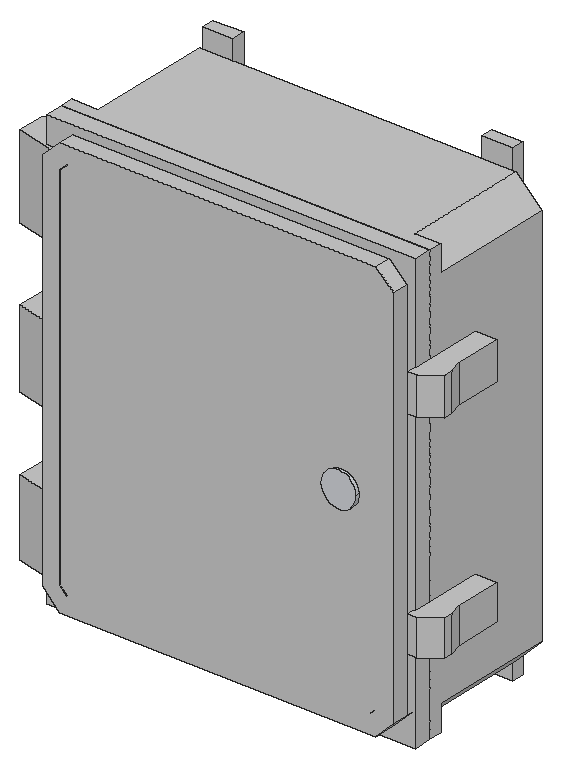
Revit family "WAP-Enclosure_NEMA_Ventev_12x10x4-Polycarb", category Generic Models, Revit 2024
Family settings
  Can host rebar = No
  Round Connector Dimension = Use Diameter
  Part Type = Normal
  OmniClass Number = 23.85.50.00
  OmniClass Title = Communication Systems
  Work Plane-Based = Yes
  Always vertical = No
  Cut with Voids When Loaded = No
  Maintain Annotation Orientation = No
  Shared = No
  Room Calculation Point = No
Parameters
  Warranty Duration (Years) = 0
  Unit Width = 1' - 0 3/16"
  Unit Height = 1' - 1 11/16"
  Unit Depth = 0' - 5 3/8"
  URL = "http://www.terra-wave.com/"
  Specification = ""
  SpecWizard = ""
  Solid Door = yes
  Send Message = ""
  Sales Information = "http://www.terra-wave.com/contact/"
  Revision = "R1_2016-12"
  Product Properties = ""
  Product Data = "http://www.arcat.com/arcatcos/cos9550/arc50032.html"
  Mounting Height [instance] = 2' - 0"
  Model = "As Specified"
  Manufacturer Website = "http://www.terra-wave.com/"
  Manufacturer Phone - Toll Free = "800-759-9996"
  Manufacturer Phone = "717-770-2317"
  Manufacturer Fax = ""
  Manufacturer Address = "10999 McCormick Rd.  Hunt Valley, MD 21031"
  Manufacturer = "Ventev Innovations"
  Maintenance Schedule (Months) = 0
  Latching = yes
  Keynote = "27 20 00"
  Key Lock = yes
  Installation-Fabrication = ""
  Installation Phase = ""
  Hinges = yes
  Green Building-LEED = ""
  Fixture Finish [instance] = Plastic - Thermoplastic - Ventev - Gray
  Expected Lifespan (Years) = 0
  Drawn By = "Sumex Design, Inc. / Robert S. Weygant, CSI, CDT, SCIP"
  Description = "Ventev Product as Specified"
  Default Elevation = 0' - 0"  # constant formula
  Copyright = "©Arcat Inc."
  Construction Details = "http://www.arcat.com/details/ventev/95ventev.html?coid=50032"
  Clear Door Glazing [instance] = Plastic - Ventev - Clear
  Clear Door = yes
  Assembly Code = "D5030600"
Reference planes (in)
  plane 1 "Mounting Surface": y = 0
  plane 2 "Bottom": z = 0
  plane 3 "Center (Left/Right)": x = 0
  plane 4: z = 24
  plane 5: y = -5.375
Forms (in)
  Extrusion 1, solid, material "Plastic - Thermoplastic - Ventev - Gray" <- "Fixture Finish"
    sketch origin (0, 0, 0) x (1, 0, 0) y (0, 0, 1)
      loop
        line (-3.5625, 26.3125) -> (-4.4375, 26.3125) -> (-4.4375, 24) -> (-3.5625, 24) -> (-3.5625, 26.3125)
      loop
        line (3.5625, 26.3125) -> (3.5625, 24) -> (4.4375, 24) -> (4.4375, 26.3125) -> (3.5625, 26.3125)
      loop
        line (-3.5625, 37.6875) -> (-4.4375, 37.6875) -> (-4.4375, 35.375) -> (-3.5625, 35.375) -> (-3.5625, 37.6875)
      loop
        line (3.5625, 37.6875) -> (3.5625, 35.375) -> (4.4375, 35.375) -> (4.4375, 37.6875) -> (3.5625, 37.6875)
    from 0 to 0.375
  Extrusion 2, solid, material "Plastic - Thermoplastic - Ventev - Gray" <- "Fixture Finish"
    sketch origin (0, 0, 0) x (1, 0, 0) y (0, 0, 1)
      loop
        line (-5.28125, 37.125) -> (-5.28125, 24.5625) -> (5.28125, 24.5625) -> (5.28125, 37.125) -> (-5.28125, 37.125)
    from 4.00331 to 4.375
  Extrusion 3, solid, material "Plastic - Thermoplastic - Ventev - Gray" <- "Fixture Finish", visible <- "Solid Door"
    sketch origin (0, 0, 0) x (1, 0, 0) y (0, 0, 1)
      loop
        line (-5.28125, 37.125) -> (-5.28125, 24.5625) -> (5.28125, 24.5625) -> (5.28125, 37.125) -> (-5.28125, 37.125)
    from 4.375 to 4.90302
  Extrusion 4, solid, material "Plastic - Thermoplastic - Ventev - Gray" <- "Fixture Finish", visible <- "Solid Door"
    sketch origin (0, 0, 0) x (1, 0, 0) y (0, 0, 1)
      loop
        line (-5.03125, 36.375) -> (-5.03125, 25.3125) -> (-4.53125, 24.8125) -> (4.53125, 24.8125) -> (5.03125, 25.3125) -> (5.03125, 36.375) -> (4.53125, 36.875) -> (-4.53125, 36.875) -> (-5.03125, 36.375)
    from 4.375 to 5.375
  Extrusion 5, solid, material "Plastic - Thermoplastic - Ventev - Gray" <- "Fixture Finish"
    sketch origin (0, 0, 0) x (1, 0, 0) y (0, 0, 1)
      loop
        line (-5.28125, 36.375) -> (-5.28125, 25.3125) -> (-4.53125, 24.5625) -> (4.53125, 24.5625) -> (5.28125, 25.3125) -> (5.28125, 36.375) -> (4.53125, 37.125) -> (-4.53125, 37.125) -> (-5.28125, 36.375)
    from 0.375 to 4.00331
  Extrusion 6, solid, material "Plastic - Thermoplastic - Ventev - Gray" <- "Fixture Finish", visible <- "Hinges"
    sketch origin (0, -29.07721, 24) x (0, -1, 0) y (1, 0, 0)
      loop
        line (-24.70221, -5.28125) -> (-25.95221, -5.28125) -> (-25.07721, -6.15625) -> (-24.29978, -6.15625) -> (-24.01929, -5.03125) -> (-24.70221, -5.03125) -> (-24.70221, -5.28125)
    from 9.9834 to 12.36603
  Extrusion 7, solid, material "Plastic - Thermoplastic - Ventev - Gray" <- "Fixture Finish", visible <- "Hinges"
    sketch origin (0, -29.07721, 24) x (0, -1, 0) y (1, 0, 0)
      loop
        line (-24.70221, -5.28125) -> (-25.95221, -5.28125) -> (-25.07721, -6.15625) -> (-24.29978, -6.15625) -> (-24.01929, -5.03125) -> (-24.70221, -5.03125) -> (-24.70221, -5.28125)
    from 1.32451 to 3.51193
  Extrusion 8, solid, material "Plastic - Thermoplastic - Ventev - Gray" <- "Fixture Finish", visible <- "Hinges"
    sketch origin (0, -29.07721, 24) x (0, -1, 0) y (1, 0, 0)
      loop
        line (-24.70221, -5.28125) -> (-25.95221, -5.28125) -> (-25.07721, -6.15625) -> (-24.29978, -6.15625) -> (-24.01929, -5.03125) -> (-24.70221, -5.03125) -> (-24.70221, -5.28125)
    from 5.64734 to 7.88135
  Extrusion 9, solid, material "Plastic - Thermoplastic - Ventev - Gray" <- "Fixture Finish", visible <- "Latching"
    sketch origin (0, -29.07721, 24) x (0, -1, 0) y (1, 0, 0)
      loop
        line (-26.29779, 5.28125) -> (-23.91822, 5.28125) -> (-23.91822, 5.53125) -> (-24.28046, 6.03125) -> (-24.53046, 6.03125) -> (-24.92823, 5.92467) -> (-26.29779, 5.92467) -> (-26.29779, 5.28125)
    from 9.27445 to 10.34881
  Extrusion 10, solid, material "Plastic - Thermoplastic - Ventev - Gray" <- "Fixture Finish", visible <- "Latching"
    sketch origin (0, -29.07721, 24) x (0, -1, 0) y (1, 0, 0)
      loop
        line (-26.29779, 5.28125) -> (-23.91822, 5.28125) -> (-23.91822, 5.53125) -> (-24.28046, 6.03125) -> (-24.53046, 6.03125) -> (-24.92823, 5.92467) -> (-26.29779, 5.92467) -> (-26.29779, 5.28125)
    from 3.09691 to 4.11755
  Extrusion 11, solid, material "Plastic - Thermoplastic - Ventev - Gray" <- "Fixture Finish", visible <- "Clear Door"
    sketch origin (0, 0, 0) x (1, 0, 0) y (0, 0, 1)
      loop
        line (-5.28125, 37.125) -> (-5.28125, 24.5625) -> (5.28125, 24.5625) -> (5.28125, 37.125) -> (-5.28125, 37.125)
    from 4.375 to 4.90302
  Extrusion 12, solid, material "Plastic - Thermoplastic - Ventev - Gray" <- "Fixture Finish", visible <- "Clear Door"
    sketch origin (0, 0, 0) x (1, 0, 0) y (0, 0, 1)
      loop
        line (-5.03125, 36.375) -> (-5.03125, 25.3125) -> (-4.53125, 24.8125) -> (4.53125, 24.8125) -> (5.03125, 25.3125) -> (5.03125, 36.375) -> (4.53125, 36.875) -> (-4.53125, 36.875) -> (-5.03125, 36.375)
      loop
        line (-4.53125, 36.16789) -> (-4.53125, 25.51961) -> (-4.32414, 25.3125) -> (4.32414, 25.3125) -> (4.53125, 25.51961) -> (4.53125, 36.16789) -> (4.32414, 36.375) -> (-4.32414, 36.375) -> (-4.53125, 36.16789)
    from 4.375 to 5.375
  Extrusion 13, solid, material "Plastic - Ventev - Clear" <- "Clear Door Glazing", visible <- "Clear Door"
    sketch origin (0, 0, 0) x (1, 0, 0) y (0, 0, 1)
      loop
        line (-4.53125, 25.51961) -> (-4.32414, 25.3125) -> (4.32414, 25.3125) -> (4.53125, 25.51961) -> (4.53125, 36.16789) -> (4.32414, 36.375) -> (-4.32414, 36.375) -> (-4.53125, 36.16789) -> (-4.53125, 25.51961)
    from 4.90302 to 5.28974
  Extrusion 14, solid, visible <- "Key Lock"
    sketch origin (0, 0, 0) x (1, 0, 0) y (0, 0, 1)
      loop
        circle (3.53125, 30.84375) r 0.5
    from 4.375 to 5.46257
Cuts and joins
  joined: Extrusion 2, Extrusion 5
Lines and regions (in)
  model lines, style "GenericModelHiddenLines"
    curve 1: line (5.28125, -5.375, 37.125) -> (-5.03125, -5.375, 30.84375)
    curve 2: line (-5.03125, -5.375, 30.84375) -> (5.28125, -5.375, 24.5625)
Dimensions and locks (in)
  "Mounting Height": plane 4 to plane 2 "Bottom"
Automatic sketch dimensions
  Extrusion 1 sketch curve to plane 4 = 0' - 0"  (x2)
  Extrusion 1 sketch curve to plane 3 "Center (Left/Right)" = 0' - 4 7/16"  (x2)
  Extrusion 1 sketch curve to Extrusion 1 sketch curve = 0' - 0 7/8"  (x4)
  plane 3 "Center (Left/Right)" to Extrusion 1 sketch curve = 0' - 3 9/16"  (x2)
  Extrusion 1 sketch curve to Extrusion 1 sketch curve = 0' - 2 5/16"  (x4)
  Extrusion 1 sketch curve to Extrusion 1 sketch curve = 0' - 9 1/16"
  Extrusion 1 sketch curve to Extrusion 1 sketch curve = 0' - 0"
  plane 4 to Extrusion 2 sketch curve = 0' - 0 9/16"
  Extrusion 2 sketch curve to plane 3 "Center (Left/Right)" = 0' - 5 9/32"
  plane 3 "Center (Left/Right)" to Extrusion 2 sketch curve = 0' - 5 9/32"
  Extrusion 2 sketch curve to Extrusion 2 sketch curve = 1' - 0 9/16"
  plane 4 to Extrusion 3 sketch curve = 0' - 0 9/16"
  Extrusion 3 sketch curve to plane 3 "Center (Left/Right)" = 0' - 5 9/32"
  plane 3 "Center (Left/Right)" to Extrusion 3 sketch curve = 0' - 5 9/32"
  Extrusion 3 sketch curve to Extrusion 3 sketch curve = 1' - 0 9/16"
  plane 4 to Extrusion 4 sketch curve = 0' - 1 5/16"
  Extrusion 4 sketch curve to plane 3 "Center (Left/Right)" = 0' - 5 1/32"
  Extrusion 4 sketch curve to Extrusion 4 sketch curve = 0' - 0 1/2"  (x5)
  plane 3 "Center (Left/Right)" to Extrusion 4 sketch curve = 0' - 4 17/32"  (x2)
  plane 4 to Extrusion 4 sketch curve = 0' - 0 13/16"
  Extrusion 4 sketch curve to Extrusion 4 sketch curve = 0' - 11 1/16"
  Extrusion 4 sketch curve to Extrusion 4 sketch curve = 0' - 0"
  plane 4 to Extrusion 5 sketch curve = 0' - 1 5/16"
  Extrusion 5 sketch curve to plane 3 "Center (Left/Right)" = 0' - 5 9/32"
  plane 4 to Extrusion 5 sketch curve = 0' - 0 9/16"
  Extrusion 5 sketch curve to Extrusion 5 sketch curve = 0' - 0 3/4"  (x5)
  plane 3 "Center (Left/Right)" to Extrusion 5 sketch curve = 0' - 4 17/32"  (x2)
  Extrusion 5 sketch curve to Extrusion 5 sketch curve = 0' - 11 1/16"
  Extrusion 5 sketch curve to Extrusion 5 sketch curve = 0' - 0"
  Extrusion 6 sketch curve to plane 5 = 0' - 2 1/4"
  Extrusion 6 sketch curve to Extrusion 6 sketch curve = 0' - 0 7/8"  (x2)
  Extrusion 6 sketch curve to plane 5 = 0' - 1"
  Extrusion 6 sketch curve to plane 5 = 0' - 0.59757"
  Extrusion 6 sketch curve to plane 5 = 0' - 0.31708"
  Extrusion 6 sketch curve to plane 3 "Center (Left/Right)" = 0' - 6 5/32"
  Extrusion 6 sketch curve to Extrusion 6 sketch curve = 0' - 0 1/4"
  Extrusion 7 sketch curve to plane 5 = 0' - 2 1/4"
  Extrusion 7 sketch curve to Extrusion 7 sketch curve = 0' - 0 7/8"  (x2)
  Extrusion 7 sketch curve to plane 5 = 0' - 1"
  Extrusion 7 sketch curve to plane 5 = 0' - 0.59757"
  Extrusion 7 sketch curve to plane 5 = 0' - 0.31708"
  Extrusion 7 sketch curve to plane 3 "Center (Left/Right)" = 0' - 6 5/32"
  Extrusion 7 sketch curve to Extrusion 7 sketch curve = 0' - 0 1/4"
  Extrusion 8 sketch curve to plane 5 = 0' - 2 1/4"
  Extrusion 8 sketch curve to Extrusion 8 sketch curve = 0' - 0 7/8"  (x2)
  Extrusion 8 sketch curve to plane 5 = 0' - 1"
  Extrusion 8 sketch curve to plane 5 = 0' - 0.59757"
  Extrusion 8 sketch curve to plane 5 = 0' - 0.31708"
  Extrusion 8 sketch curve to plane 3 "Center (Left/Right)" = 0' - 6 5/32"
  Extrusion 8 sketch curve to Extrusion 8 sketch curve = 0' - 0 1/4"
  Extrusion 9 sketch curve to plane 5 = 0' - 2.59558"
  Extrusion 9 sketch curve to plane 5 = 0' - 1.22602"
  Extrusion 9 sketch curve to Extrusion 9 sketch curve = 0' - 0.39778"
  Extrusion 9 sketch curve to Extrusion 9 sketch curve = 0' - 0 1/4"  (x2)
  Extrusion 9 sketch curve to plane 5 = 0' - 0.21601"
  plane 3 "Center (Left/Right)" to Extrusion 9 sketch curve = 0' - 5 9/32"
  Extrusion 9 sketch curve to Extrusion 9 sketch curve = 0' - 0.64342"
  Extrusion 9 sketch curve to Extrusion 9 sketch curve = 0' - 0.10658"
  Extrusion 10 sketch curve to plane 5 = 0' - 2.59558"
  Extrusion 10 sketch curve to plane 5 = 0' - 1.22602"
  Extrusion 10 sketch curve to Extrusion 10 sketch curve = 0' - 0.39778"
  Extrusion 10 sketch curve to Extrusion 10 sketch curve = 0' - 0 1/4"  (x2)
  Extrusion 10 sketch curve to plane 5 = 0' - 0.21601"
  plane 3 "Center (Left/Right)" to Extrusion 10 sketch curve = 0' - 5 9/32"
  Extrusion 10 sketch curve to Extrusion 10 sketch curve = 0' - 0.64342"
  Extrusion 10 sketch curve to Extrusion 10 sketch curve = 0' - 0.10658"
  curve 1 to plane 3 "Center (Left/Right)" = 0' - 5 1/32"
  plane 4 to curve 2 = 0' - 6 27/32"
  plane 4 to curve 2 = 0' - 0 9/16"
  plane 3 "Center (Left/Right)" to curve 2 = 0' - 5 9/32"
  plane 3 "Center (Left/Right)" to curve 1 = 0' - 5 9/32"
  curve 1 to curve 1 = 0' - 6 9/32"
  plane 4 to Extrusion 11 sketch curve = 0' - 0 9/16"
  Extrusion 11 sketch curve to plane 3 "Center (Left/Right)" = 0' - 5 9/32"
  plane 3 "Center (Left/Right)" to Extrusion 11 sketch curve = 0' - 5 9/32"
  Extrusion 11 sketch curve to Extrusion 11 sketch curve = 1' - 0 9/16"
  plane 4 to Extrusion 12 sketch curve = 0' - 1 5/16"
  Extrusion 12 sketch curve to plane 3 "Center (Left/Right)" = 0' - 5 1/32"
  Extrusion 12 sketch curve to Extrusion 12 sketch curve = 0' - 0 1/2"  (x7)
  plane 3 "Center (Left/Right)" to Extrusion 12 sketch curve = 0' - 4 17/32"  (x2)
  plane 4 to Extrusion 12 sketch curve = 0' - 0 13/16"
  Extrusion 12 sketch curve to Extrusion 12 sketch curve = 0' - 11 1/16"
  Extrusion 12 sketch curve to Extrusion 12 sketch curve = 0' - 0"
  Extrusion 12 sketch curve to Extrusion 12 sketch curve = 0' - 0.20711"  (x10)
  plane 4 to Extrusion 13 sketch curve = 0' - 1.51961"  (x2)
  Extrusion 13 sketch curve to plane 3 "Center (Left/Right)" = 0' - 4 17/32"
  Extrusion 13 sketch curve to Extrusion 13 sketch curve = 0' - 0.20711"  (x4)
  plane 3 "Center (Left/Right)" to Extrusion 13 sketch curve = 0' - 4.32414"  (x2)
  plane 4 to Extrusion 13 sketch curve = 0' - 1 5/16"
  Extrusion 13 sketch curve to Extrusion 13 sketch curve = 0' - 10.64829"
  Extrusion 13 sketch curve to Extrusion 13 sketch curve = 0' - 0"
  plane 3 "Center (Left/Right)" to Extrusion 14 sketch curve = 0' - 3 17/32"
  plane 4 to Extrusion 14 sketch curve = 0' - 6 27/32"
  radius of Extrusion 14 sketch curve = 0' - 0 1/2"
